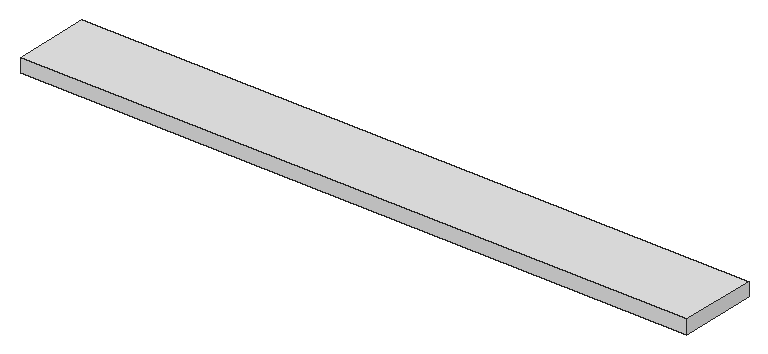
Revit family "11-TRIMBOARD-AND-STEALTH-TRIM-CADS-94-5-4-6-trim-4-REVIT_Versatex-Generic-Model-5-4in-x-6in-TRIMBOARD", category Generic Models, host Face, Revit 2026
Family settings
  Host = Face
  Can host rebar = No
  Round Connector Dimension = Use Diameter
  Part Type = Normal
  Cut with Voids When Loaded = No
  Maintain Annotation Orientation = No
  Shared = No
  Room Calculation Point = No
Parameters
  Model = "TBSM/TR540618"
  Length = 4' - 0"
  Warranty = "https://versatex.com/warranty/"
  URL = "https://versatex.com/"
  Specification = "https://www.arcat.com/company/versatex-45716/spec?coid=45716"
  Sales Information = "https://versatex.com/dealer-locator/"
  Message Manufacturer = "https://versatex.com/contact/"
  Material = Versatex PVC - Smooth
  Manufacturer Website = "https://versatex.com/"
  Manufacturer Phone = "724-857-1111"
  Manufacturer Fax = "724-857-1171"
  Manufacturer Address = "400 Steel Street, Aliquippa, PA 15001"
  Manufacturer = "Versatex"
  Literature = "https://versatex.com/literature/?_sft_literature_category=cads"
  Description = "NOMINAL 5/4” x 6” TRIMBOARD"
  Default Elevation = 4' - 0"
  Copyright = "© 2024 VERSATEX Building Products, LLC"
Reference planes (in)
  plane 1 "Center (Front/Back)": y = 0
  plane 2: z = 0
  plane 3 "Center (Left/Right)": x = 0
  plane 4: x = 24
  plane 5: x = -24
Forms (in)
  Sweep 1, solid, material "Versatex PVC - Smooth" <- "Material"
    path origin (0, 0, 0) x (1, 0, 0) y (0, 1, 0)
      loop
        line (-24, 0) -> (24, 0)
    profile "Versatex_Profile_5-4” x 6” TRIMBOARD : Versatex_Profile_5-4” x 6” TRIMBOARD" origin (0, 0, 0) x (0, 1, 0) y (0, 0, 1)
      loop
        line (0, 0) -> (5.5, 0) -> (5.5, 1) -> (0, 1) -> (0, 0)
Dimensions and locks (in)
  "Length": plane 5 to plane 4
  equal spacing: plane 5, plane 3 "Center (Left/Right)", plane 4, locked at 24 each
  aligned and locked: plane 2 to host face
  aligned and locked: level to host face
Automatic sketch dimensions
  host sketch curve to host sketch curve = 8' - 0"  (x2)
  plane 1 "Center (Front/Back)" to Sweep 1 sketch curve = 0' - 0"
  Sweep 1 sketch curve to plane 5 = 0' - 0"
  Sweep 1 sketch curve to plane 4 = 0' - 0"
